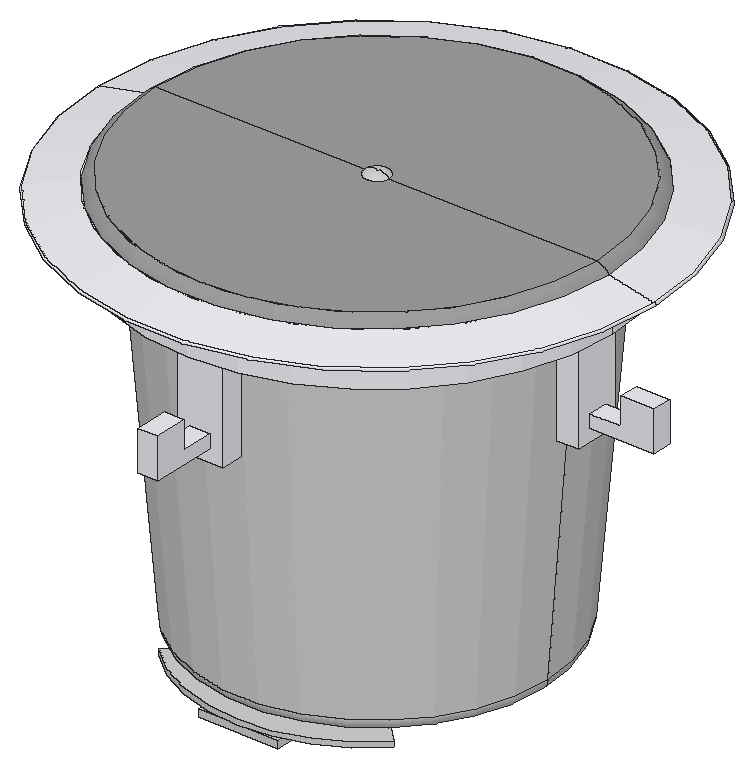
Revit family "FAP42T", category Communication Devices, Revit 2014
Parameters (values of type "Two Way, Full Range, Coaxial Ceiling Loudspeaker")
  Woofer Impedence = "4\" Poly Cone with Butyl Rubber Surround"
  Width = 10.50"
  Weight Dimensional = 22.83
  Warranty = "5 Year"
  Vertical Symmetry = yes
  URL = "www.atlassound.com"
  Transformer Option = yes
  Specification by User (default) = "TBD"
  Speaker Type = "S1"
  Speaker Listening Height [instance] = 30.00"
  Speaker Height [instance] = 120.00"
  Speaker Dispersion = 130.00°
  Speaker Cone Visible [instance] = no
  Speaker Cone Height [instance] = (Speaker Height - Speaker Listening Height)  # 90.00"
  Sensitivity = 88
  ScheduleType |RF| = "AtlasIED Master"
  Safety Features = "1 Safety Hang Point"
  Safety Agency Ratings = "UL Listed to Comply with UL1480, UL2043 and CSA60065. Suitable for Use in Air Handling Spaces per NFPA 70 and NFPA 90"
  SPL Max = 107
  Regulatory Compliance = "UL Listed to Comply with UL1480, UL2043 and CSA60065. Suitable for Use in Air Handling Spaces per NFPA 70 and NFPA 90"
  Radius of Speaker Cone [instance] = (Speaker Cone Height) * tan(Speaker Dispersion / 2)  # 193.00562"
  Product Page URL = "www.atlasied.com/fap42t"
  Product Documentation Link = "www.atlasied.com/f/1799/ATS001159%20FAP42T%20Datasheet%20RevG.pdf"
  Power Rating (RMS) = "25 Watts"
  Power Handling = 25
  OmniClass Title = "SPEAKERS"
  OmniClass Number = "23-37 17 13 19"
  Mounting/Rigging Provisions = "Patented Safety First Mounting System"
  Mount Material = QF_Plastic - White - Smooth
  Model = "FAP42T"
  MaterFormat Title = "SPEAKERS"
  MasterFormat = "27 41 13"
  Market = "Commercial, Higher Education, Emergency"
  Manufacturer URL = "www.atlasied.com/\",\"https://www.atlasied.com"
  Manufacturer Phone = "(800) 876 - 3333"
  Manufacturer Email = "support@atlasied.com"
  Manufacturer Address = "4545 E. Baseline Rd., Phoenix, AZ 85042"
  Manufacturer = "ATLAS SOUND"
  Ingress Protection = "IP-21"
  Impedance = 8
  IQ Category = "SPEAKERS"
  Horizontal Symmetry = yes
  Height = 8.76"
  HF Driver = "Coaxially Mounted PEI Dome Tweeter"
  Grill Material = QF_Plastic - Black - Fine Textured
  Frequency Response  = "75Hz - 20kHz"
  Family Version [instance] = "2017-01"
  Family Code (default) = "LOUD SPEAKERS"
  Enclosure Material = none
  Dispersion Angle = 130.00°
  Description = "4\" IN-CEILING LOUDSPEAKER WITH 16-WATT 70/100V TRANSFORMER AND PORTED ENCLOSURE - BLACK"
  Depth = 10.50"
  Cutout Diameter = 9
  Coverage Vertical = 110.00°
  Coverage Horizontal = 110.00°
  Cost MSRP = 116.99
  Cost = 116.99
  Color = none
  Body Material = QF_Metal - Stainless - Polished
  Baffle Material = none
Reference planes (in)
  plane 1 "Center (Front/Back)": y = 0
  plane 2: z = 0
  plane 3 "Center (Left/Right)": x = 0
  plane 4: z = 0.55
  plane 5: z = -8.76
  plane 6: y = -5.25
  plane 7: x = -5.25
  plane 8: x = 5.25
  plane 9: z = 0.38172
  plane 10: z = -0.75
  plane 11: x = 4.45
  plane 12: x = -4.45
  plane 13: y = 5.25
Forms (in)
  Revolve 1, solid, material "QF_Plastic - White - Smooth" <- "Mount Material"
    sketch origin (0, 0, 0) x (1, 0, 0) y (0, 0, 1)
      loop
        line (-5.25, 0) -> (-4.45, 0) -> (-4.45, -0.75) -> (0, -0.75) -> (0, 0.21227) -> (-4.36069, 0.21227)
        arc (-4.36069, 0.21227) -> (-4.7924, 0.12916) -> (-5.22241, 0.03769) r 22.63754
        arc (-5.22241, 0.03769) -> (-5.2433, 0.02404) -> (-5.25, 0) r 0.03543
      axis (0, 0.21227) -> (0, -0.75)
    angle from 0 to 360
  Revolve 2, solid, material "QF_Plastic - Black - Fine Textured" <- "Grill Material"
    sketch origin (0, 0, 0) x (1, 0, 0) y (0, 0, 1)
      loop
        line (0, 0.21227) -> (0, 0.38172) -> (0, 0.45737)
        arc (0, 0.45737) -> (-0.12114, 0.44524) -> (-0.225, 0.38172) r 0.27343
        line (-0.225, 0.38172) -> (-4.15874, 0.38172)
        arc (-4.15874, 0.38172) -> (-4.27452, 0.31463) -> (-4.36069, 0.21227) r 0.38882
        line (-4.36069, 0.21227) -> (0, 0.21227)
      axis (0, 0.45737) -> (0, 0.21227)
    angle from 0 to 360
  Revolve 3, solid, material "QF_Metal - Stainless - Polished" <- "Body Material"
    sketch origin (0, 0, 0) x (1, 0, 0) y (0, 0, 1)
      loop
        line (0, -0.75) -> (-3.76526, -0.75) -> (-3.21611, -7.02679)
        arc (-3.21611, -7.02679) -> (-3.15242, -7.17276) -> (-3.01349, -7.25065) r 0.25
        arc (-3.01349, -7.25065) -> (-1.51306, -7.44751) -> (0, -7.47443) r 13.43767
        line (0, -7.47443) -> (0, -0.75)
      axis (0, -0.75) -> (0, -7.47443)
    angle from 0 to 360
  Extrusion 4, solid, material "QF_Plastic - White - Smooth"
    sketch origin (0, 0, -0.75) x (0, 1, 0) y (1, 0, 0)
      loop
        line (0.40934, -4.15655) -> (0.40934, -3.74245) -> (-0.44066, -3.74245) -> (-0.44066, -4.15655) -> (0.40934, -4.15655)
      loop
        line (4.13763, 0.41845) -> (3.72024, 0.41845) -> (3.72024, -0.43155) -> (4.13763, -0.43155) -> (4.13763, 0.41845)
      loop
        line (-4.13763, 0.41845) -> (-4.13763, -0.43155) -> (-3.72024, -0.43155) -> (-3.72024, 0.41845) -> (-4.13763, 0.41845)
      loop
        line (0.40934, 4.15655) -> (-0.44066, 4.15655) -> (-0.44066, 3.74245) -> (0.40934, 3.74245) -> (0.40934, 4.15655)
    from 0 to 1.85886
  Extrusion 5, solid, material "QF_Plastic - White - Smooth"
    sketch origin (-3.78297, -0.44066, -0.75) x (-1, 0, 0) y (0, 0, -1)
      loop
        line (1.59203, 1.61) -> (0.37358, 1.61) -> (0.37358, 1.36) -> (0.96703, 1.36) -> (0.96703, 0.86) -> (1.59203, 0.86) -> (1.59203, 1.61)
      loop
        line (-9.15797, 1.61) -> (-9.15797, 0.86) -> (-8.53297, 0.86) -> (-8.53297, 1.36) -> (-7.93952, 1.36) -> (-7.93952, 1.61) -> (-9.15797, 1.61)
    from -0.2375 to -0.6125
  Extrusion 6, solid, material "QF_Plastic - White - Smooth"
    sketch origin (-0.425, 3.7673, -0.75) x (0, 1, 0) y (0, 0, -1)
      loop
        line (1.59203, 1.61) -> (0.37358, 1.61) -> (0.37358, 1.36) -> (0.96703, 1.36) -> (0.96703, 0.86) -> (1.59203, 0.86) -> (1.59203, 1.61)
      loop
        line (-9.15797, 1.61) -> (-9.15797, 0.86) -> (-8.53297, 0.86) -> (-8.53297, 1.36) -> (-7.93952, 1.36) -> (-7.93952, 1.61) -> (-9.15797, 1.61)
    from -0.2375 to -0.6125
  Extrusion 7, solid, material "QF_Metal - Stainless - Polished"
    sketch origin (-6.66586, -180, -8.76) x (-1, 0, 0) y (0, -1, 0)
      loop
        arc (-4.43618, -177.65197) -> (-6.65155, -176.73434) -> (-8.86692, -177.65197) r 3.133
        line (-8.86692, -177.65197) -> (-7.28455, -179.23434) -> (-6.01855, -179.23434) -> (-4.43618, -177.65197)
    from 1.37374 to 1.27559
  Extrusion 8, solid, material "QF_Metal - Stainless - Polished"
    sketch origin (0.36869, -0.76566, -8.76) x (-1, 0, 0) y (0, 0, 1)
      loop
        line (1.016, 1.27559) -> (-0.26405, 1.27559) -> (-0.26405, 0.25)
        arc (-0.26405, 0.25) -> (-0.19083, 0.07322) -> (-0.01405, 0) r 0.25
        line (-0.01405, 0) -> (0.766, 0)
        arc (0.766, 0) -> (0.94278, 0.07322) -> (1.016, 0.25) r 0.25
        line (1.016, 0.25) -> (1.016, 1.27559)
      loop
        circle (0.37645, 0.37996) r 0.25
    from 0 to 0.13
  Extrusion 9, solid, material "QF_Metal - Stainless - Polished"
    sketch origin (-6.66586, -180, -7.48441) x (0, -1, 0) y (-1, 0, 0)
      loop
        line (-177.87354, -5.91901) -> (-177.86412, -7.41908) -> (-176.74282, -7.4121) -> (-176.75224, -5.91214) -> (-177.87354, -5.91901)
      loop
        line (-178.06464, -7.43003) -> (-178.07418, -5.91139) -> (-178.8591, -5.98561) -> (-178.85043, -7.36558) -> (-178.06464, -7.43003)
    from 0 to 0.13
  Blend 10, solid, material "Glass", visible <- "Speaker Cone Visible"
    base sketch origin (0, 0, 0) x (1, 0, 0) y (0, 1, 0)
      loop
        circle (0, 0.09521) r 193.00562
    top sketch origin (0, 0, 0) x (1, 0, 0) y (0, 1, 0)
      loop
        circle (0, 0.09521) r 0.13513
    from 90 <- "Speaker Cone Height" to 0
Lines and regions (in)
  symbolic lines
    curve 1: circle (0, 0, 0) r 5.25 normal (0, 0, 1)
    curve 2: circle (0, 0, 0) r 0.225 normal (0, 0, 1)
    curve 3: circle (0, 0, 0) r 4.36069 normal (0, 0, 1)
  symbolic lines, style "Sound Projection Average", visible <- "Speaker Cone Visible"
    curve 4: circle (0, 0.09521, 0) r 193.00562 normal (0, 0, 1)
Dimensions and locks (in)
  "Height": plane 2 to plane 5
  level to plane 10 = 0.75"
  plane 12 to plane 11 = 8.90"
  "Width": plane 7 to plane 8
  "Depth": plane 13 to plane 6
  "Radius of Speaker Cone": radius of Blend 10 sketch curve
  aligned and locked: plane 2 to level
  aligned and locked: curve 4 to Blend 10
Automatic sketch dimensions
  Revolve 1 sketch curve to level = 0.00"
  plane 7 to Revolve 1 sketch curve = 0.00"
  plane 12 to Revolve 1 sketch curve = 0.00"
  Revolve 1 sketch curve to plane 3 "Center (Left/Right)" = 0.00"  (x2)
  Revolve 1 sketch curve to plane 10 = 0.00"
  level to Revolve 1 sketch curve = 0.00311"
  Revolve 1 sketch curve to plane 7 = 0.0353"
  Revolve 1 sketch curve to plane 12 = 0.08931"
  Revolve 1 sketch curve to plane 3 "Center (Left/Right)" = 0.29765"
  Revolve 1 sketch curve to plane 5 = 13.29766"
  Revolve 1 sketch curve to plane 9 = 0.16946"
  Revolve 1 sketch curve to plane 4 = 2.31194"
  Revolve 1 sketch curve to Revolve 1 sketch curve = 0.25"
  Revolve 2 sketch curve to plane 9 = 0.00"  (x2)
  Revolve 2 sketch curve to plane 3 "Center (Left/Right)" = 0.00"  (x2)
  Revolve 2 sketch curve to plane 3 "Center (Left/Right)" = 0.034"
  Revolve 2 sketch curve to Revolve 2 sketch curve = 0.225"
  level to Revolve 2 sketch curve = 0.01678"
  Revolve 2 sketch curve to plane 12 = 0.42541"
  Revolve 2 sketch curve to plane 12 = 0.29126"
  Revolve 2 sketch curve to plane 12 = 0.08931"
  Revolve 2 sketch curve to Revolve 2 sketch curve = 0.0262"
  Revolve 2 sketch curve to plane 4 = 2.31194"
  Revolve 2 sketch curve to Revolve 2 sketch curve = 0.25"
  Revolve 3 sketch curve to plane 10 = 0.00"
  Revolve 3 sketch curve to plane 3 "Center (Left/Right)" = 0.00"  (x2)
  Revolve 3 sketch curve to plane 3 "Center (Left/Right)" = 0.51793"
  Revolve 3 sketch curve to plane 12 = 1.48294"
  Revolve 3 sketch curve to Revolve 3 sketch curve = 0.24905"
  Revolve 3 sketch curve to plane 12 = 0.68474"
  plane 5 to Revolve 3 sketch curve = 1.755"
  Revolve 3 sketch curve to Revolve 3 sketch curve = 0.02179"
  plane 5 to Revolve 3 sketch curve = 1.28557"
  Revolve 3 sketch curve to plane 4 = 5.40326"
  Revolve 3 sketch curve to plane 4 = 2.31194"
  Revolve 3 sketch curve to Revolve 3 sketch curve = 0.25"
  Extrusion 4 sketch curve to Revolve 1 = 4.13763"
  Extrusion 4 sketch curve to Extrusion 4 sketch curve = 0.4174"  (x2)
  Extrusion 4 sketch curve to Revolve 1 = 0.44066"  (x2)
  Revolve 1 to Extrusion 4 sketch curve = 0.40934"  (x2)
  Revolve 1 to Extrusion 4 sketch curve = 3.72024"
  Extrusion 4 sketch curve to Extrusion 4 sketch curve = 0.4141"  (x2)
  Extrusion 4 sketch curve to Extrusion 4 sketch curve = 3.324"  (x2)
  Extrusion 4 sketch curve to Extrusion 4 sketch curve = 0.85"  (x2)
  Extrusion 4 sketch curve to Extrusion 4 sketch curve = 3.3109"
  Extrusion 4 to Extrusion 5 sketch curve = 0.00"
  Extrusion 4 to Extrusion 5 sketch curve = 0.24886"  (x2)
  Extrusion 5 sketch curve to Extrusion 4 = 7.899"
  Extrusion 5 sketch curve to Extrusion 5 sketch curve = 0.59345"  (x2)
  Extrusion 5 sketch curve to Extrusion 5 sketch curve = 0.625"  (x2)
  Extrusion 5 sketch curve to Extrusion 5 sketch curve = 0.25"  (x2)
  Extrusion 5 sketch curve to Extrusion 5 sketch curve = 0.75"
  Extrusion 5 sketch curve to Extrusion 5 sketch curve = 0.50"
  Extrusion 6 sketch curve to plane 6 = 0.14066"
  plane 6 to Extrusion 6 sketch curve = 0.48434"
  Extrusion 6 sketch curve to Extrusion 6 sketch curve = 0.59345"
  plane 13 to Extrusion 6 sketch curve = 1.10912"
  plane 13 to Extrusion 6 sketch curve = 0.51566"
  Extrusion 6 sketch curve to plane 13 = 0.10934"
  Extrusion 6 sketch curve to plane 10 = 0.86"  (x2)
  Extrusion 6 sketch curve to Extrusion 6 sketch curve = 0.50"  (x2)
  Extrusion 6 sketch curve to Extrusion 6 sketch curve = 0.25"  (x2)
  plane 3 "Center (Left/Right)" to Extrusion 7 sketch curve = 2.20105"
  plane 3 "Center (Left/Right)" to Extrusion 7 sketch curve = 0.61869"
  Extrusion 7 sketch curve to plane 3 "Center (Left/Right)" = 0.01431"
  Extrusion 7 sketch curve to plane 3 "Center (Left/Right)" = 0.64731"
  Extrusion 7 sketch curve to plane 12 = 2.22032"
  plane 1 "Center (Front/Back)" to Extrusion 7 sketch curve = 0.13266"
  plane 1 "Center (Front/Back)" to Extrusion 7 sketch curve = 0.76566"
  Extrusion 7 sketch curve to Extrusion 7 sketch curve = 1.58237"
  Extrusion 8 sketch curve to Extrusion 7 = 0.00"  (x2)
  Extrusion 8 sketch curve to Extrusion 8 sketch curve = 0.25"
  Extrusion 8 sketch curve to Extrusion 8 sketch curve = 0.38955"
  Extrusion 7 to Extrusion 8 sketch curve = 0.23595"
  Extrusion 8 sketch curve to Extrusion 7 = 0.01405"
  Extrusion 8 sketch curve to Extrusion 7 = 0.89562"
  Extrusion 8 sketch curve to Extrusion 8 sketch curve = 0.12996"
  Extrusion 7 to Extrusion 9 sketch curve = 0.37524"
  Extrusion 7 to Extrusion 9 sketch curve = 0.38391"
  Extrusion 9 sketch curve to Extrusion 9 sketch curve = 0.78492"
  Extrusion 9 sketch curve to Extrusion 9 sketch curve = 0.78579"
  Extrusion 9 sketch curve to Extrusion 9 sketch curve = 0.20064"
  Extrusion 9 sketch curve to Extrusion 9 sketch curve = 0.20052"
  Extrusion 9 sketch curve to Extrusion 9 sketch curve = 1.1213"  (x2)
  Extrusion 7 to Extrusion 9 sketch curve = 0.74459"
  Extrusion 9 sketch curve to Extrusion 9 sketch curve = 0.00075"
  Extrusion 9 sketch curve to Extrusion 9 sketch curve = 0.00762"
  Extrusion 9 sketch curve to Extrusion 9 sketch curve = 0.07422"
  Extrusion 9 sketch curve to Extrusion 9 sketch curve = 1.37997"
  Extrusion 9 sketch curve to Extrusion 9 sketch curve = 1.49996"
  Extrusion 9 sketch curve to Extrusion 9 sketch curve = 0.05349"
  Extrusion 9 sketch curve to Extrusion 9 sketch curve = 0.01095"
  Blend 10 sketch curve to plane 3 "Center (Left/Right)" = 0.00"  (x2)
  Blend 10 sketch curve to plane 1 "Center (Front/Back)" = 0.09521"  (x2)
  curve 1 to curve 2 = 0.00"  (x2)
  curve 1 to curve 3 = 0.00"
  curve 2 to curve 3 = 0.00"
  plane 1 "Center (Front/Back)" to curve 2 = 0.00"
  curve 2 to plane 3 "Center (Left/Right)" = 0.00"
  radius of Extrusion 8 sketch curve = 0.25"
  radius of Blend 10 sketch curve = 0.13513"
  radius of curve 1 = 5.25"
  radius of curve 2 = 0.225"
  radius of curve 3 = 4.36069"
Nested families (in)
  nested 1: "Speaker Annotation" at (-0.03268, -0.04045, 0), Speaker Type <- "Speaker Type", type "Data Annotation"
    with Speaker Type "S1"
Definition of nested family "Speaker Annotation"
  Parameters (values of type "Data Annotation")
    Speaker Type [instance] = ""
  Reference planes (in)
    plane 1: y = 0
    plane 2: x = 0
  Lines and regions (in)
    detail lines, style "Data Device"
      curve 1: circle (-0.00295, 0.00032, 0) r 0.09489 normal (0, 0, 1)
  Text (in)
    label "S1" at (0.00193, -0.00496, 0), shows "Speaker Type"
